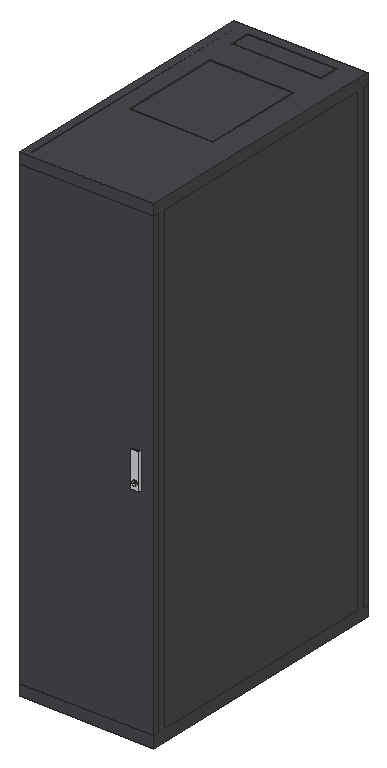
Revit family "Armario Linkeo DC anchura 600", category Equipement spécialisé, Revit 2020
Family settings
  Cote de connecteur circulaire = Utiliser le diamètre
  Type d'élément = Normal
  Basée sur le plan de construction = Non
  Toujours verticalement = Oui
  Couper avec des vides une fois chargée = Non
  Partagée = Oui
  Point de calcul de pièce = Non
Parameters (values of type "Armario Linkeo2 47U 600x1200")
  E-catalogo enlace = "https://www.legrand.fr/reference/446805/pro"
  Acabado del carril de perfil = "Acodado"
  Altura = 2269.00 mm
  Numero RAL = "9005"
  Temperatura de almacenamiento = "-25°C à 70°C"
  Clase de aplicación = "EC002499"
  Profundidad del modelo (mm) = 1200.00 mm
  Altura del modelo = 2190.00 mm
  Altura útil (mm) = 1881.00 mm
  Con puerta frontal = yes
  Número de puertas = "1"
  Tipo de ventilación = "Passiva"
  Modelo = "Estructura fija"
  Módulos de altura = 47
  Elévation par défaut = 0.00 mm
  Distancia de la apertura 1 = 275.00 mm
  Profundidad = 1200.00 mm
  Color = IDS_NOIR
  Número de pieza Legrand = "446805"
  Anchura (mm) = 600.00 mm
  Tipo de montaje = "Antes y atrás"
  Modelo de anchura = 600.00 mm
  Anchura útil (mm) = 1090.00 mm
  Máxima capacidad de carga = "1500"
  Material de la puerta frontal = IDS_ACIER
  Con conexión a tierra = yes
  Temperatura operativa = "-25°C à 70°C"
  Tamaño modular = "19 pulgadas"
  Con techo en chapa = yes
  Material = "Acero"
  Formulación BIM = "Armario Linkeo2 47U 600x1200 equipado"
  Clase de protección IK = "IK02"
  Tratamiento de superficie = "Recubrimiento con polvo"
  Clase de protección IP = "IP20"
  Sistema de cierre de la puerta frontal = "Con tres puntos"
  Función = "Servidores  Linkeo DC"
  Ubicación del rack = 93.00 mm
Types (4, lengths in mm): name | E-catalogo enlace | Altura | Profundidad del modelo (mm) | Altura del modelo | Módulos de altura | Profundidad | Número de pieza Legrand | Anchura útil (mm) | Formulación BIM
  Armario Linkeo2 42U 600x1000 | "https://www.legrand.fr/reference/446800/pro" | 2047.00 | 1000.00 | 1965.00 | 42 | 1000.00 | "446800" | 890.00 | "Armario Linkeo2 42U 600x1000 equipado"
  Armario Linkeo2 42U 600x1200 | "https://www.legrand.fr/reference/446801/pro" | 2047.00 | 1200.00 | 1965.00 | 42 | 1200.00 | "446801" | 1090.00 | "Armario Linkeo2 42U 600x1200 equipado"
  Armario Linkeo2 47U 600x1000 | "https://www.legrand.fr/reference/446804/pro" | 2269.00 | 1000.00 | 2190.00 | 47 | 1000.00 | "446804" | 890.00 | "Armario Linkeo2 47U 600x1000 equipado"
  Armario Linkeo2 47U 600x1200 | "https://www.legrand.fr/reference/446805/pro" | 2269.00 | 1200.00 | 2190.00 | 47 | 1200.00 | "446805" | 1090.00 | "Armario Linkeo2 47U 600x1200 equipado"
Reference planes
  plane 1 "Centre (avant/arrière)": y = 106
  plane 2: z = 0
  plane 3: x = 0
  plane 4: x = 600
  plane 5: z = 2190
  plane 6: y = -1094
  plane 7: x = 55
  plane 8: x = 545
  plane 9: x = 300
  plane 10: z = 2140
  plane 11: z = 50
  plane 12: z = 1095
  plane 13: y = -1092
  plane 14: x = 300
  plane 15: y = -444.5
  plane 16: y = 455.094
  plane 17: x = 1428.928
  plane 18: z = -485.313
  plane 19: x = 2466.566
  plane 20: z = 1095
  plane 21: x = 300
  plane 22: x = 500
  plane 23: x = 100
  plane 24: x = 300
  plane 25: y = -1001
  plane 26: x = 525
  plane 27: y = -999.5
  plane 28: x = 556.5
  plane 29: x = 558
  plane 30: y = -960.5
  plane 31: y = -959
  plane 32: x = 534.5
  plane 33: x = 536
  plane 34: z = 80
  plane 35: z = 89.5
  plane 36: x = 528.5
  plane 37: x = 538
  plane 38: z = 111.75
  plane 39: z = 121.25
  plane 40: y = -742.5
  plane 41: y = -752
  plane 42: z = 105.38
  plane 43: z = 95.88
  plane 44: x = 77
  plane 45: x = 67.5
  plane 46: x = 66
  plane 47: z = 55
  plane 48: z = 2155
  plane 49: z = 1095
  plane 50: y = -1094
  plane 51: y = 66
  plane 52: z = 35
  plane 53: y = -601
  plane 54 "Panneaux gauche": y = -997.5
  plane 55 "Panneaux droit": y = 62.5
  plane 56 "Panneaux haut": z = 2153
  plane 57: z = 2105
  plane 58: z = 2105
  plane 59: y = -467.5
  plane 60: x = 175
  plane 61: x = 425
  plane 62: y = 61
  plane 63: y = -29
  plane 64: x = 100
  plane 65: x = 500
  plane 66: y = -344.658
  plane 67: y = 102.842
  plane 68: y = -342.158
  plane 69: x = 102.5
  plane 70: y = 91.5
  plane 71: y = 7.5
  plane 72: x = 499.5
  plane 73: y = -619
  plane 74: y = -171.5
  plane 75: y = -616.5
  plane 76: x = 51
  plane 77: x = 141
  plane 78: y = -92
  plane 79: y = -496
  plane 80: y = -94.5
  plane 81: x = 53.5
  plane 82: x = 459
  plane 83: x = 549
  plane 84: x = 115
  plane 85: x = 485
  plane 86: x = 115
  plane 87: x = 485
  plane 88: y = -1001
  plane 89: z = 124.45
  plane 90: x = 42
  plane 91: y = -493.5
  plane 92: x = 102.5
  plane 93: x = 102.5
  plane 94: x = 561.5
  plane 95: z = 2122
  plane 96: y = -494
  plane 97: y = 84.5
  plane 98: y = -1072.5
  plane 99: x = 41
  plane 100: x = 559
  plane 101: x = 300
  plane 102: z = 2122
  plane 103: y = -694
  plane 104: z = 72
  plane 105: z = 2118
  plane 106: y = 82.5
  plane 107: y = -1070.5
  plane 108: x = 138.5
  plane 109: x = 546.5
  plane 110: x = 578.5
  plane 111: x = 21.5
  plane 112: z = 2035.5
  plane 113: z = 154.5
  plane 114: z = 1095
  plane 115: y = -494
  plane 116: y = 51
  plane 117: y = -1039
  plane 118: y = -294
  plane 119: y = -494
  plane 120: y = -26.5
  plane 121: y = 58.5
  plane 122: x = 497.5
  plane 123: y = 13.5
  plane 124: y = 98.5
  plane 125: x = 497.5
  plane 126: x = 150
  plane 127: x = 450
  plane 128: x = 177.5
  plane 129: x = 422.5
  plane 130: y = -169
  plane 131: y = 105.342
  plane 132: x = 112.5
  plane 133: x = 487.5
  plane 134: x = 112.5
  plane 135: x = 487.5
  plane 136: x = 505
  plane 137: x = 541
  plane 138: z = 1175
  plane 139: z = 1015
  plane 140: x = 523
  plane 141: y = -870
  plane 142: y = -1070
  plane 143: y = 82
  plane 144: y = -1104
  plane 145: x = 95
  plane 146: x = 59
  plane 147: z = 1175
  plane 148: z = 1015
  plane 149: x = 77
  plane 150: z = 2079.5
  plane 151: z = 2079.5
  plane 152: z = 0
  plane 153: z = 27
Forms (mm)
  Extrusion 1, solid, material "IDS_NOIR" <- "Color"
    sketch origin (0, 0, 0) x (0, 1, 0) y (0, 0, 1)
      loop
        line (-1094, 0) -> (106, 0) -> (106, 2190) -> (-1094, 2190) -> (-1094, 0)
    from 0 to 600
  Extrusion 2, void
    sketch origin (-250, 82.5, 1200) x (1, 0, 0) y (0, 0, 1)
      loop
        line (285, 988) -> (285, -1198) -> (815, -1198) -> (815, 988) -> (285, 988)
    from 0 to 1153
  Extrusion 3, void
    sketch origin (0, 106, 0) x (1, 0, 0) y (0, 0, 1)
      loop
        line (55, 2140) -> (55, 50) -> (545, 50) -> (545, 2140) -> (55, 2140)
    from 0 to 1200
  Extrusion 4, solid
    sketch origin (597, -1094, 132.5) x (0, 0, 1) y (-1, 0, 0)
      loop
        line (1042.5, 92) -> (882.5, 92) -> (882.5, 56) -> (1042.5, 56) -> (1042.5, 92)
    from 0 to 10
  Extrusion 5, void
    sketch origin (597, -1106.5, 132.5) x (0, 0, -1) y (-1, 0, 0)
      loop
        line (-906.261, 78.459) -> (-908.194, 80.391) -> (-918.8, 69.785) -> (-916.867, 67.852) -> (-906.261, 78.459)
    from 0 to 2
  Extrusion 6, void
    sketch origin (0, -23, 0) x (1, 0, 0) y (0, 1, 0)
      loop
        line (112.5, -596) -> (487.5, -596) -> (487.5, -146) -> (112.5, -146) -> (112.5, -596)
    from 2190 to 1927.5
  Extrusion 7, void
    sketch origin (0, 106, 2190) x (1, 0, 0) y (0, -1, 0)
      loop
        line (100, 135) -> (100, 45) -> (500, 45) -> (500, 135) -> (100, 135)
    from 2 to 0
  Extrusion 8, solid, material "IDS_NOIR" <- "Color"
    sketch origin (0, 106, 2190) x (0, -1, 0) y (1, 0, 0)
      loop
        line (47.5, 102.5) -> (132.5, 102.5) -> (132.5, 497.5) -> (47.5, 497.5) -> (47.5, 102.5)
    from 0 to -2
  Extrusion 9, solid, material "IDS_NOIR" <- "Color", not visible
    sketch origin (0, 146, 850) x (0, -1, 0) y (1, 0, 0)
      loop
        line (47.5, 102.5) -> (132.5, 102.5) -> (132.5, 497.5) -> (47.5, 497.5) -> (47.5, 102.5)
    from 0 to -2
  Extrusion 10, solid, material "IDS_NOIR" <- "Color"
    sketch origin (0, 106, 2190) x (0, -1, 0) y (1, 0, 0)
      loop
        line (277.5, 115) -> (722.5, 115) -> (722.5, 485) -> (277.5, 485) -> (277.5, 115)
    from -2 to 0
  Extrusion 11, void
    sketch origin (0, 106, 0) x (1, 0, 0) y (0, 0, 1)
      loop
        line (549, 2118) -> (51, 2118) -> (51, 72) -> (549, 72) -> (549, 2118)
    from 2 to 0
  Extrusion 12, void
    sketch origin (0, 0, 0) x (0, 1, 0) y (0, 0, 1)
      loop
        line (51, 2140) -> (-1039, 2140) -> (-1039, 50) -> (51, 50) -> (51, 2140)
    from 0 to 21.5
  Extrusion 13, solid, material "IDS_NOIR" <- "Color"
    sketch origin (0, 0, 0) x (0, 1, 0) y (0, 0, 1)
      loop
        line (51, 2140) -> (-1039, 2140) -> (-1039, 50) -> (51, 50) -> (51, 2140)
    from 0 to 21.5
  Extrusion 14, solid, material "IDS_NOIR" <- "Color"
    sketch origin (600, 0, 0) x (0, 1, 0) y (0, 0, 1)
      loop
        line (-1039, 2140) -> (-1039, 50) -> (51, 50) -> (51, 2140) -> (-1039, 2140)
    from 0 to -21.5
  Extrusion 15, void
    sketch origin (600, 0, 0) x (0, -1, 0) y (0, 0, 1)
      loop
        line (1039, 2140) -> (-51, 2140) -> (-51, 50) -> (1039, 50) -> (1039, 2140)
    from 0 to 21.5
  Extrusion 16, void
    sketch origin (0, 0, 0) x (0, 1, 0) y (0, 0, 1)
      loop
        line (51, 2140) -> (-1039, 2140) -> (-1039, 50) -> (51, 50) -> (51, 2140)
    from 0 to 600
  Extrusion 17, void
    sketch origin (0, -1094, 0) x (1, 0, 0) y (0, -1, 0)
      loop
        line (175, -1155) -> (425, -1155) -> (425, -1065) -> (175, -1065) -> (175, -1155)
    from -2 to 0
  Extrusion 18, solid, material "IDS_NOIR" <- "Color"
    sketch origin (0, 106, 2190) x (0, -1, 0) y (1, 0, 0)
      loop
        line (132.5, 177.5) -> (132.5, 422.5) -> (47.5, 422.5) -> (47.5, 177.5) -> (132.5, 177.5)
    from -2190 to -2188
  Extrusion 19, solid
    sketch origin (597, -1104, 132.5) x (0, 0, 1) y (-1, 0, 0)
      loop
        circle (912.5, 74) r 10
    from 0 to 2.5
  Extrusion 20, void
    sketch origin (600, 0, 0) x (0, -1, 0) y (0, 0, 1)
      loop
        line (1094, 2140) -> (1070, 2140) -> (1070, 50) -> (1094, 50) -> (1094, 2140)
      loop
        line (-82, 2140) -> (-106, 2140) -> (-106, 50) -> (-82, 50) -> (-82, 2140)
    from 0 to 600
  Extrusion 21, solid, material "IDS_NOIR" <- "Color"
    sketch origin (600, 0, 0) x (0, 1, 0) y (0, 0, 1)
      loop
        line (-1094, 2140) -> (-1094, 50) -> (-1070, 50) -> (-1070, 2140) -> (-1094, 2140)
      loop
        line (82.5, 2140) -> (82.5, 50) -> (106, 50) -> (106, 2140) -> (82.5, 2140)
    from -600 to 0
  Extrusion 22, solid
    sketch origin (600, 106, 2140) x (0, 0, -1) y (-1, 0, 0)
      loop
        line (965, 505) -> (1125, 505) -> (1125, 541) -> (965, 541) -> (965, 505)
    from 0 to 10
  Extrusion 23, solid
    sketch origin (600, 116, 2140) x (0, 0, -1) y (-1, 0, 0)
      loop
        circle (1095, 523) r 10
    from 0 to 2.5
  Extrusion 24, void
    sketch origin (-445.581, 118.5, 2139.497) x (0, 0, 1) y (-1, 0, 0)
      loop
        line (-1099.92, -526.801) -> (-1097.728, -528.994) -> (-1087.121, -518.387) -> (-1089.314, -516.194) -> (-1099.92, -526.801)
    from 0 to 2
Cuts and joins
  Extrusion 2, Extrusion 3, Extrusion 6, Extrusion 7, Extrusion 11, Extrusion 12, Extrusion 15, Extrusion 16, Extrusion 17, Extrusion 20 cuts Extrusion 1
  Extrusion 5 cuts Extrusion 4
  Extrusion 20 cuts Extrusion 14
  Extrusion 5 cuts Extrusion 19
  Extrusion 24 cuts Extrusion 23
Lines and regions (mm)
  model lines, not visible
    curve 1: line (488, 106, 1095) -> (510, 106, 1095)
    curve 2: line (604, -455.5, 2105) -> (604, -467.5, 2105)
Dimensions and locks
  "Modelo de anchura": plane 4 to plane 3
  "Altura del modelo": plane 5 to level
  "Profundidad del modelo (mm)": plane 6 to plane 1 "Centre (avant/arrière)"
  locked: plane 7 to plane 8 at 490
  equal spacing: plane 7, plane 9, plane 8
  equal spacing: plane 4, plane 9, plane 3
  equal spacing: plane 5, plane 12, level
  equal spacing: plane 10, plane 12, plane 11
  Extrusion 2 sketch curve to plane 3 = 35.00 mm
  Extrusion 2 sketch curve to plane 4 = 35.00 mm
  locked: Extrusion 2 sketch curve to level at 2
  locked: plane 5 to Extrusion 2 sketch curve at 2
  locked: plane 6 to plane 13 at 2
  cut or joined group 1 (Extrusion 1, Extrusion 2, Extrusion 3, Extrusion 6, Extrusion 7, Extrusion 11, Extrusion 12, Extrusion 15, Extrusion 16, Extrusion 17, Extrusion 20) to plane 1 "Centre (avant/arrière)" = 23.50 mm
  equal spacing: plane 3, plane 14, plane 4
  equal spacing: plane 23, plane 24, plane 22
  "Ubicación del rack": plane 25 to plane 6
  locked: plane 27 to plane 25 at 1.5
  locked: plane 28 to plane 29 at 1.5
  locked: plane 30 to plane 31 at 1.5
  locked: plane 32 to plane 33 at 1.5
  plane 29 to cut or joined group 1 = 7.00 mm
  locked: plane 26 to plane 28 at 31.5
  locked: plane 31 to plane 25 at 42
  locked: plane 32 to plane 29 at 23.5
  locked: plane 34 to level at 80
  locked: plane 35 to plane 34 at 9.5
  locked: plane 36 to plane 37 at 9.5
  locked: plane 26 to plane 36 at 3.5
  locked: plane 39 to plane 38 at 9.5
  locked: plane 38 to plane 34 at 31.75
  plane 41 to plane 40 = 9.50 mm
  locked: plane 42 to plane 43 at 9.5
  plane 43 to plane 35 = 6.38 mm
  locked: plane 45 to plane 46 at 1.5
  locked: plane 47 to plane 11 at 5
  plane 5 to plane 48 to plane 10 = 35.00 mm, 15.00 mm
  locked: plane 51 to plane 1 "Centre (avant/arrière)" at 40
  locked: plane 52 to level at 35
  locked: plane 48 to plane 5 at 35
  locked: plane 25 to plane 54 "Panneaux gauche" at 3.5
  locked: plane 55 "Panneaux droit" to plane 51 at 3.5
  locked: plane 56 "Panneaux haut" to plane 48 at 2
  plane 57 to plane 5 = 85.00 mm
  locked: plane 5 to plane 58 at 85
  plane 54 "Panneaux gauche" to plane 55 "Panneaux droit" = 1060.00 mm
  equal spacing: plane 54 "Panneaux gauche", plane 59, plane 55 "Panneaux droit"
  locked: plane 64 to plane 65 at 400
  locked: plane 78 to plane 79 at 404
  locked: plane 76 to plane 77 at 90
  locked: plane 78 to plane 80 at 2.5
  locked: plane 76 to plane 81 at 2.5
  locked: plane 3 to plane 76 at 51
  locked: plane 82 to plane 83 at 90
  plane 83 to plane 4 = 51.00 mm
  locked: plane 89 to plane 34 at 44.45
  equal spacing: plane 90, plane 24, plane 29
  locked: plane 90 to plane 29 at 516
  plane 1 "Centre (avant/arrière)" to plane 62 = 45.00 mm
  cut or joined group 1 to plane 63 = 90.00 mm
  plane 91 to plane 79 = 2.50 mm
  plane 5 to plane 95 = 68.00 mm
  equal spacing: plane 97, plane 96, plane 98
  equal spacing: plane 1 "Centre (avant/arrière)", plane 96, plane 6
  equal spacing: plane 99, plane 101, plane 100, locked at 259 each
  equal spacing: Extrusion 12 sketch curve, plane 96, Extrusion 12 sketch curve
  "Anchura útil (mm)": Extrusion 12 sketch curve to Extrusion 12 sketch curve
  locked: plane 104 to level at 72
  plane 5 to plane 105 = 72.00 mm
  locked: plane 1 "Centre (avant/arrière)" to plane 106 at 23.5
  locked: plane 50 to plane 107 at 23.5
  locked: plane 108 to plane 77 at 2.5
  locked: plane 109 to plane 83 at 2.5
  locked: plane 110 to plane 4 at 21.5
  locked: plane 3 to plane 111 at 21.5
  equal spacing: plane 112, plane 114, plane 113
  "Altura útil (mm)": plane 112 to plane 113
  equal spacing: plane 116, plane 115, plane 117
  "Anchura útil (mm)": plane 116 to plane 117
  equal spacing: plane 1 "Centre (avant/arrière)", plane 118, plane 103
  equal spacing: plane 50, plane 119, plane 1 "Centre (avant/arrière)"
  locked: plane 11 to level at 50
  plane 5 to level = 2190.00 mm
  plane 6 to plane 1 "Centre (avant/arrière)" = 1200.00 mm
  equal spacing: plane 126, plane 24, plane 127
  locked: plane 126 to plane 127 at 300
  plane 132 to plane 133 = 375.00 mm
  "Distancia de la apertura 1": cut or joined group 1 to plane 1 "Centre (avant/arrière)"
  locked: plane 137 to plane 136 at 36
  locked: plane 138 to plane 139 at 160
  cut or joined group 1 to plane 141 = 224.00 mm
  plane 6 to plane 142 = 24.00 mm
  plane 143 to plane 1 "Centre (avant/arrière)" = 24.00 mm
  locked: plane 144 to plane 6 at 10
  plane 138 to plane 139 = 160.00 mm
  equal spacing: cut or joined group of Extrusion 4, Extrusion 5, plane 140, cut or joined group of Extrusion 4, Extrusion 5
  Extrusion 19 sketch curve to cut or joined group of Extrusion 4, Extrusion 5 = 30.00 mm
  locked: plane 146 to plane 145 at 36
  locked: plane 147 to plane 148 at 160
  plane 147 to plane 148 = 160.00 mm
  Extrusion 22 to Extrusion 23 sketch curve = 30.00 mm
  locked: plane 5 to plane 150 at 110.5
  aligned and locked: level to plane 2
  aligned and locked: Extrusion 1 sketch curve to level
  aligned and locked: Extrusion 1 sketch curve to plane 6
  aligned and locked: plane 5 to Extrusion 1 sketch curve
  aligned and locked: Extrusion 1 sketch curve to plane 1 "Centre (avant/arrière)"
  aligned and locked: Extrusion 1 to plane 4
  aligned and locked: Extrusion 1 to plane 3
  aligned and locked: Extrusion 3 sketch curve to plane 10
  aligned and locked: Extrusion 3 sketch curve to plane 7
  aligned and locked: plane 11 to Extrusion 3 sketch curve
  aligned and locked: Extrusion 3 sketch curve to plane 8
  aligned and locked: Extrusion 1 to Extrusion 3  (x2)
  aligned and locked: plane 24 to plane 9
  aligned and locked: plane 20 to plane 12
  aligned and locked: plane 49 to plane 20
  aligned and locked: plane 6 to plane 50
  aligned and locked: Extrusion 7 sketch curve to plane 64
  aligned and locked: plane 65 to Extrusion 7 sketch curve
  aligned and locked: Extrusion 1 to Extrusion 7
  aligned and locked: Extrusion 10 to cut or joined group 1
  aligned and locked: plane 5 to Extrusion 10
  aligned and locked: plane 83 to Extrusion 11 sketch curve
  aligned and locked: plane 76 to Extrusion 11 sketch curve
  aligned and locked: Extrusion 11 to Extrusion 1
  aligned and locked: plane 88 to plane 25
  aligned and locked: Extrusion 7 sketch curve to plane 62
  aligned and locked: Extrusion 7 sketch curve to plane 63
  aligned and locked: Extrusion 8 to plane 92
  aligned and locked: Extrusion 9 to plane 93
  aligned and locked: Extrusion 1 to Extrusion 6
  aligned and locked: plane 101 to plane 14
  aligned and locked: plane 102 to plane 95
  aligned and locked: plane 105 to Extrusion 11 sketch curve
  aligned and locked: Extrusion 11 sketch curve to plane 104
  aligned and locked: cut or joined group 1 to Extrusion 13 sketch curve  (x2)
  aligned and locked: Extrusion 14 sketch curve to cut or joined group 1  (x4)
  aligned and locked: plane 106 to Extrusion 2
  aligned and locked: Extrusion 2 to plane 107
  aligned and locked: Extrusion 14 to plane 110
  aligned and locked: Extrusion 13 to plane 111
  aligned and locked: Extrusion 12 to Extrusion 13
  aligned and locked: Extrusion 15 sketch curve to Extrusion 14  (x2)
  aligned and locked: Extrusion 15 sketch curve to cut or joined group 1  (x2)
  aligned and locked: Extrusion 15 to Extrusion 14
  aligned and locked: plane 12 to plane 114
  aligned and locked: Extrusion 16 sketch curve to plane 11
  aligned and locked: Extrusion 16 sketch curve to plane 117
  aligned and locked: plane 116 to Extrusion 16 sketch curve
  aligned and locked: plane 10 to Extrusion 16 sketch curve
  aligned and locked: Extrusion 16 to plane 4
  aligned and locked: plane 96 to plane 115
  aligned and locked: Extrusion 7 to Extrusion 2
  aligned and locked: Extrusion 8 to plane 120
  aligned and locked: plane 121 to Extrusion 8
  aligned and locked: plane 69 to Extrusion 8
  aligned and locked: Extrusion 8 to plane 122
  aligned and locked: Extrusion 9 to plane 123
  aligned and locked: plane 124 to Extrusion 9
  aligned and locked: Extrusion 9 to plane 125
  aligned and locked: Extrusion 17 sketch curve to plane 62
  aligned and locked: plane 63 to Extrusion 17 sketch curve
  aligned and locked: Extrusion 17 to cut or joined group 1
  aligned and locked: Extrusion 17 to level
  aligned and locked: Extrusion 18 sketch curve to plane 120
  aligned and locked: Extrusion 18 sketch curve to plane 128
  aligned and locked: plane 121 to Extrusion 18 sketch curve
  aligned and locked: Extrusion 18 sketch curve to plane 129
  aligned and locked: Extrusion 18 to cut or joined group 1
  aligned and locked: Extrusion 18 to level
  aligned and locked: Extrusion 17 sketch curve to plane 60
  aligned and locked: Extrusion 17 sketch curve to plane 61
  aligned and locked: Extrusion 7 to Extrusion 8
  aligned and locked: Extrusion 6 sketch curve to plane 73
  aligned and locked: Extrusion 6 sketch curve to plane 132
  aligned and locked: Extrusion 6 sketch curve to plane 130
  aligned and locked: Extrusion 6 sketch curve to plane 133
  aligned and locked: Extrusion 10 sketch curve to plane 74
  aligned and locked: Extrusion 10 sketch curve to plane 84
  aligned and locked: plane 75 to Extrusion 10 sketch curve
  aligned and locked: Extrusion 10 sketch curve to plane 85
  aligned and locked: plane 10 to Extrusion 13 sketch curve
  aligned and locked: Extrusion 13 sketch curve to plane 11
  aligned and locked: Extrusion 12 sketch curve to plane 11
  aligned and locked: plane 10 to Extrusion 12 sketch curve
  aligned and locked: plane 136 to Extrusion 4 sketch curve
  aligned and locked: Extrusion 4 sketch curve to plane 137
  aligned and locked: Extrusion 19 to cut or joined group of Extrusion 4, Extrusion 5
  aligned and locked: Extrusion 19 to Extrusion 5
  aligned and locked: cut or joined group 1 to Extrusion 20 sketch curve
  aligned and locked: plane 10 to Extrusion 20 sketch curve  (x2)
  aligned and locked: plane 6 to Extrusion 20 sketch curve
  aligned and locked: plane 142 to Extrusion 20
  aligned and locked: plane 143 to Extrusion 20 sketch curve
  aligned and locked: Extrusion 20 sketch curve to plane 1 "Centre (avant/arrière)"
  aligned and locked: Extrusion 20 sketch curve to plane 11
  aligned and locked: Extrusion 21 sketch curve to plane 142
  aligned and locked: Extrusion 21 sketch curve to plane 6
  aligned and locked: plane 11 to Extrusion 21 sketch curve  (x2)
  aligned and locked: Extrusion 21 sketch curve to plane 10  (x2)
  aligned and locked: Extrusion 21 to plane 3
  aligned and locked: Extrusion 21 to plane 4
  aligned and locked: plane 1 "Centre (avant/arrière)" to Extrusion 21 sketch curve
  aligned and locked: plane 106 to Extrusion 21 sketch curve
  aligned and locked: Extrusion 4 to plane 6
  aligned and locked: cut or joined group of Extrusion 4, Extrusion 5 to plane 144
  aligned and locked: plane 139 to Extrusion 4 sketch curve
  aligned and locked: Extrusion 4 sketch curve to plane 138
  aligned and locked: plane 145 to Extrusion 22 sketch curve
  aligned and locked: Extrusion 22 sketch curve to plane 146
  aligned and locked: plane 148 to Extrusion 22 sketch curve
  aligned and locked: Extrusion 22 sketch curve to plane 147
  aligned and locked: plane 151 to plane 150
Automatic sketch dimensions
  curve 2 to curve 2 = 12.00 mm
  Extrusion 8 sketch curve to Extrusion 8 sketch curve = 85.00 mm
  Extrusion 8 sketch curve to Extrusion 8 sketch curve = 395.00 mm
  Extrusion 9 sketch curve to Extrusion 9 sketch curve = 85.00 mm
  Extrusion 9 sketch curve to Extrusion 9 sketch curve = 395.00 mm
  curve 1 to plane 12 = 0.00 mm
  curve 1 to plane 133 = 0.50 mm
  curve 1 to plane 22 = 10.00 mm
  curve 2 to plane 57 = 0.00 mm
  curve 2 to plane 59 = 0.00 mm
  plane 59 to curve 2 = 12.00 mm
  Extrusion 24 sketch curve to Extrusion 24 sketch curve = 2.193 mm  (x2)
  Extrusion 24 sketch curve to Extrusion 24 sketch curve = 10.607 mm
  Extrusion 5 sketch curve to Extrusion 5 sketch curve = 1.933 mm  (x2)
  Extrusion 5 sketch curve to Extrusion 5 sketch curve = 10.607 mm
  Extrusion 19 sketch curve to Extrusion 4 = 18.00 mm
  Extrusion 20 sketch curve to Extrusion 20 sketch curve = 24.00 mm
  Extrusion 23 sketch curve to Extrusion 22 = 18.00 mm
  radius of Extrusion 19 sketch curve = 10.00 mm
  radius of Extrusion 23 sketch curve = 10.00 mm
